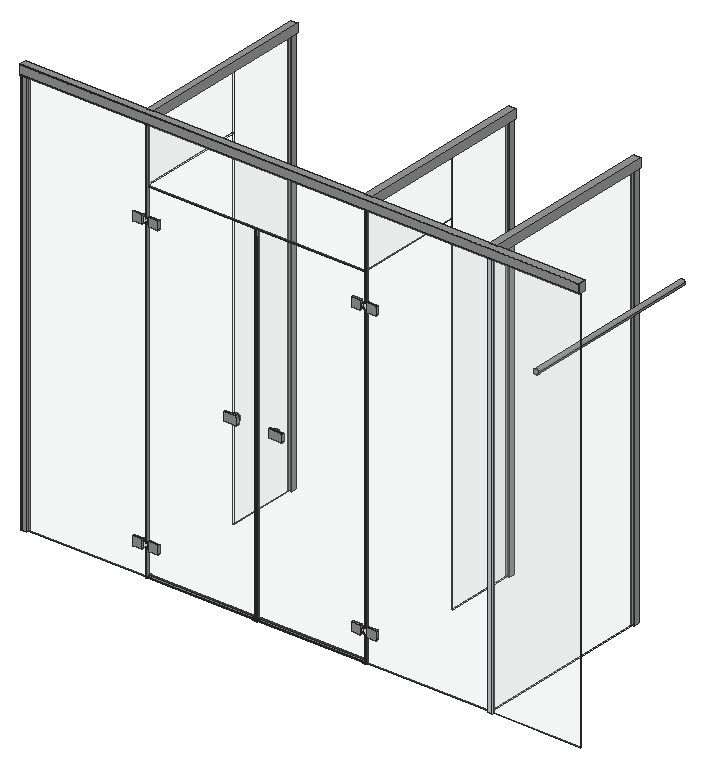
Revit family "Sanitary_Bath-screens_Modular system_Duscholux_SYSTEM210_S21-D", category Aparatos sanitarios, Revit 2019
Family settings
  Cota de conector redondo = Diámetro de uso
  Tipo de pieza = Normal
  Número OmniClass = 23.45.00.00
  Título OmniClass = Sanitary, Laundry, and Cleaning Equipment
  Se basa en plano de trabajo = No
  Siempre vertical = Sí
  Corte con vacíos al cargar = No
  Compartido = No
  Punto de cálculo de habitación = No
Parameters (values of type "Black Aluminium Finish")
  Uper profile guide = Anodized Aluminium_Duscholux Material-Black Finish
  Superior Glass Height = if(Max Doors Height < 2100 mm, 1 mm, (Max Height - 2134 mm))  # 366 mm
  Min Max Length fixed segment 3 = if(Length fixed segment 3 < 400 mm, 400 mm, if(Length fixed segment 3 > 1400 mm, 1400 mm, Length fixed segment 3))  # 550 mm
  Min Max Length fixed segment 2 = if(Length fixed segment 2 < 180 mm, 180 mm, if(Length fixed segment 2 > 1400 mm, 1400 mm, Length fixed segment 2))  # 750 mm
  Min Max Length fixed segment = if(Length fixed segment 1 < 180 mm, 180 mm, if(Length fixed segment 1 > 1400 mm, 1400 mm, Length fixed segment 1))  # 750 mm
  Min Max Doors aperture = if(Doors aperture < 400 mm, 400 mm, if(Doors aperture > 1000 mm, 1000 mm, Doors aperture))  # 650 mm
  Min Max Length Central fixed segments = if(Length Central fixed segments < 180 mm, 180 mm, if(Length Central fixed segments > 1400 mm, 1400 mm, Length Central fixed segments))  # 450 mm
  Max Doors Height = if(Max Height > 2154 mm, 2100 mm, (Max Height - 34 mm))  # 2100 mm
  Length fixed segment 3 = 550 mm
  Length fixed segment 2 = 750 mm
  Length fixed segment 1 = 750 mm
  Lenght = Min Max Length fixed segment + Min Max Length fixed segment 2 + Min Max Length fixed segment 3 + (Min Max Doors aperture * 2)  # 3350 mm
  Uniclass 2015 Description = "Shower Enclosures"
  Uniclass 2015 Code = "PR-40-20-06-79"
  URL = "http://www.duscholux.es/"
  UNSPSC Code = "30181507"
  Thickness Glass = 6 mm  # constant formula
  Thickness Fixed Segment = 8 mm  # constant formula
  Technical Inspection Certificate (Applus) = "http://www.duscholux.es/resources/custom/var/APPLUS_en.pdf"
  Series = "SYSTEM 210"
  Ref. = "S21_D"
  Products = "http://www.duscholux.es/mamparas_filtro.aspx?es"
  Openning right angle = 0.00°
  Openning left angle = 0.00°
  Opening System Image = "https://duscholux.es/resources/custom/img/System21/S21_D.jpg"
  Opening System = "Pivot Door"
  NBS Reference Description = "Shower Enclosures"
  NBS Reference Code = "45-35-70"
  Model = ""
  Max Height = if(Height < 1900 mm, 1900 mm, if(Height > 2500 mm, 2500 mm, Height))  # 2500 mm
  Maintenance and Cleaning = "http://www.duscholux.es/mamparas_limpieza.aspx?en"
  Image = "https://duscholux.es/resources/custom/img/System21/System21%205%20NEGRO%20baja.jpg"
  IFC Classification = "Furnishing Element"
  Height = 2500 mm
  Hanger Length = Min Max Doors aperture + Min Max Length Central fixed segments - 8 mm  # 1092 mm
  Handle Material = Anodized Aluminium_Duscholux Material-Black Finish
  Handle Height = Max Doors Height / 2  # 1050 mm
  Glass in Building UNE EN 12150 = "CE Conformity marking"
  Glass Material = Glass_Material-Duscholux
  Frame Material = Anodized Aluminium_Duscholux Material-Black Finish
  Length Central fixed segments = 450 mm
  Fact Sheet = "https://duscholux.es/mamparas_system210.aspx?es"
  Fabricante = "Duscholux Ibérica, S.A."
  Environmental Management ISO 14001 = "ECOEMBES Certificate"
  Doors aperture = 650 mm
  Descripción = "Modular system with fixed segments + pivot doors at 180º for different types of rooms"
  Código de montaje = "C1030200"
  Configuration enclosure = "http://configuratumampara.duscholux.es/eCatalogo.aspx"
  Components = "Eropean components"
  Type Comments = ""
  Combinations = "Customizable upper guide"
  Certified Quality UNE EN 14428 = "http://www.duscholux.es/duscholux_downloads.aspx?es"
  COBIe Type Category = ""
  Accesories Material = Anodized Aluminium_Duscholux Material-Black Finish
Reference planes
  plane 1 "Centro (Frontal/Posterior)": y = 0
  plane 2: z = 0
  plane 3 "Centro (Izquierda/Derecha)": x = 0
  plane 4 "Altura total": z = 2500
  plane 5 "Altura tiradores": z = 1050
  plane 6: x = 4
  plane 7: y = 0
  plane 8 "Espesor puertas": y = 6
  plane 9 "Eje fijo 3": x = 2800
  plane 10: z = 1920
  plane 11 "Espesor fijos": y = 8
  plane 12: x = 750
  plane 13: z = 8
  plane 14 "Altura bisagra inferior": z = 180
  plane 15: x = 2050
  plane 16 "Ancho total": y = 1100
  plane 17: x = 2796
  plane 18: x = 2804
  plane 19 "Inicio guía superior": z = 2446
  plane 20: z = 1920
  plane 21 "Altura vidrios": z = 2466
  plane 22 "Altura puertas": z = 2100
  plane 23 "Altura bisagra superior": z = 1920
  plane 24: y = 3
  plane 25 "Eje inicio puerta 1": x = 747
  plane 26 "Eje inicio puerta 2": x = 2053
  plane 27: y = 650
  plane 28: y = 0
  plane 29 "Longitud total": x = 3350
  plane 30: x = 3345
  plane 31 "Eje colgador": x = 3070
Forms (mm)
  Extrusion 1, solid, material "Glass_Material-Duscholux" <- "Glass Material"
    sketch origin (0, 0, 0) x (1, 0, 0) y (0, 1, 0)
      loop
        line (6, 8) -> (6, 0) -> (744, 0) -> (744, 8) -> (6, 8)
    from 0 to 2466
  Extrusion 2, solid, material "Glass_Material-Duscholux" <- "Glass Material"
    sketch origin (750, 0, 0) x (1, 0, 0) y (0, 1, 0)
      loop
        line (0, 6) -> (0, 0) -> (644.7, 0) -> (644.7, 6) -> (0, 6)
    from 8 to 2100
  Extrusion 3, solid, material "Plástico, transparente"
    sketch origin (-322.583, -171.096, 0) x (1, 0, 0) y (0, 1, 0)
      loop
        line (1066.583, 179.096) -> (1066.583, 171.096) -> (1061.583, 171.096) -> (1061.583, 170.096) -> (1066.583, 170.096) -> (1071.183, 170.096)
        arc (1071.183, 170.096) -> (1072.583, 175.096) -> (1071.183, 180.096) r 9.629
        line (1071.183, 180.096) -> (1066.583, 180.096) -> (1061.583, 180.096) -> (1061.583, 179.096) -> (1066.583, 179.096)
      loop
        line (1067.583, 170.596) -> (1070.927, 170.596)
        arc (1070.927, 170.596) -> (1072.083, 175.096) -> (1070.927, 179.596) r 9.338
        line (1070.927, 179.596) -> (1067.583, 179.596) -> (1067.583, 170.596)
    from 1937.5 to 2446
  Extrusion 4, solid, material "Plástico, transparente"
    sketch origin (-322.583, -171.096, 0) x (1, 0, 0) y (0, 1, 0)
      loop
        line (1066.583, 179.096) -> (1066.583, 171.096) -> (1061.583, 171.096) -> (1061.583, 170.096) -> (1066.583, 170.096) -> (1071.183, 170.096)
        arc (1071.183, 170.096) -> (1072.583, 175.096) -> (1071.183, 180.096) r 9.629
        line (1071.183, 180.096) -> (1066.583, 180.096) -> (1061.583, 180.096) -> (1061.583, 179.096) -> (1066.583, 179.096)
      loop
        line (1067.583, 170.596) -> (1070.927, 170.596)
        arc (1070.927, 170.596) -> (1072.083, 175.096) -> (1070.927, 179.596) r 9.338
        line (1070.927, 179.596) -> (1067.583, 179.596) -> (1067.583, 170.596)
    from 197.5 to 1902.5
  Extrusion 5, solid, material "Plástico, transparente"
    sketch origin (-322.583, -171.096, 0) x (1, 0, 0) y (0, 1, 0)
      loop
        line (1066.583, 179.096) -> (1066.583, 171.096) -> (1061.583, 171.096) -> (1061.583, 170.096) -> (1066.583, 170.096) -> (1071.183, 170.096)
        arc (1071.183, 170.096) -> (1072.583, 175.096) -> (1071.183, 180.096) r 9.629
        line (1071.183, 180.096) -> (1066.583, 180.096) -> (1061.583, 180.096) -> (1061.583, 179.096) -> (1066.583, 179.096)
      loop
        line (1067.583, 170.596) -> (1070.927, 170.596)
        arc (1070.927, 170.596) -> (1072.083, 175.096) -> (1070.927, 179.596) r 9.338
        line (1070.927, 179.596) -> (1067.583, 179.596) -> (1067.583, 170.596)
    from 0 to 162.5
  Extrusion 6, solid, material "Glass_Material-Duscholux" <- "Glass Material"
    sketch origin (1400, 0, 0) x (1, 0, 0) y (0, 1, 0)
      loop
        line (5.3, 6) -> (5.3, 0) -> (650, 0) -> (650, 6) -> (5.3, 6)
    from 8 to 2100
  Extrusion 7, solid, material "Plástico, transparente"
    sketch origin (1622.583, -171.096, 0) x (-1, 0, 0) y (0, -1, 0)
      loop
        line (-433.417, -179.096) -> (-438.417, -179.096) -> (-438.417, -180.096) -> (-433.417, -180.096) -> (-428.817, -180.096)
        arc (-428.817, -180.096) -> (-427.417, -175.096) -> (-428.817, -170.096) r 9.629
        line (-428.817, -170.096) -> (-433.417, -170.096) -> (-438.417, -170.096) -> (-438.417, -171.096) -> (-433.417, -171.096) -> (-433.417, -179.096)
      loop
        line (-432.417, -170.596) -> (-432.417, -179.596) -> (-429.073, -179.596)
        arc (-429.073, -179.596) -> (-427.917, -175.096) -> (-429.073, -170.596) r 9.338
        line (-429.073, -170.596) -> (-432.417, -170.596)
    from 1937.5 to 2446
  Extrusion 8, solid, material "Glass_Material-Duscholux" <- "Glass Material"
    sketch origin (0, 0, 0) x (1, 0, 0) y (0, 1, 0)
      loop
        line (2056, 8) -> (2056, 0) -> (2790.153, 0) -> (2790.153, 8) -> (2056, 8)
    from 0 to 2466
  Extrusion 9, solid, material "Plástico, transparente"
    sketch origin (1622.583, -171.096, 0) x (-1, 0, 0) y (0, -1, 0)
      loop
        line (-433.417, -179.096) -> (-438.417, -179.096) -> (-438.417, -180.096) -> (-433.417, -180.096) -> (-428.817, -180.096)
        arc (-428.817, -180.096) -> (-427.417, -175.096) -> (-428.817, -170.096) r 9.629
        line (-428.817, -170.096) -> (-433.417, -170.096) -> (-438.417, -170.096) -> (-438.417, -171.096) -> (-433.417, -171.096) -> (-433.417, -179.096)
      loop
        line (-432.417, -170.596) -> (-432.417, -179.596) -> (-429.073, -179.596)
        arc (-429.073, -179.596) -> (-427.917, -175.096) -> (-429.073, -170.596) r 9.338
        line (-429.073, -170.596) -> (-432.417, -170.596)
    from 197.5 to 1902.5
  Extrusion 10, solid, material "Plástico, transparente"
    sketch origin (1622.583, -171.096, 0) x (-1, 0, 0) y (0, -1, 0)
      loop
        line (-433.417, -179.096) -> (-438.417, -179.096) -> (-438.417, -180.096) -> (-433.417, -180.096) -> (-428.817, -180.096)
        arc (-428.817, -180.096) -> (-427.417, -175.096) -> (-428.817, -170.096) r 9.629
        line (-428.817, -170.096) -> (-433.417, -170.096) -> (-438.417, -170.096) -> (-438.417, -171.096) -> (-433.417, -171.096) -> (-433.417, -179.096)
      loop
        line (-432.417, -170.596) -> (-432.417, -179.596) -> (-429.073, -179.596)
        arc (-429.073, -179.596) -> (-427.917, -175.096) -> (-429.073, -170.596) r 9.338
        line (-429.073, -170.596) -> (-432.417, -170.596)
    from 0 to 162.5
  Extrusion 11, solid, material "Glass_Material-Duscholux" <- "Glass Material"
    sketch origin (0, 0, 0) x (1, 0, 0) y (0, 1, 0)
      loop
        line (2796, 14.15) -> (2804, 14.15) -> (2804, 1093.362) -> (2796, 1093.362) -> (2796, 14.15)
    from 0 to 2466
  Extrusion 12, solid, material "Anodized Aluminium_Duscholux Material-Black Finish" <- "Frame Material"
    sketch origin (0, 99.299, 0) x (1, 0, 0) y (0, 1, 0)
      loop
        line (2790, 999.201) -> (2810, 999.201) -> (2810, 979.851) -> (2804.3, 979.851) -> (2804.3, 969.201) -> (2811.5, 969.201) -> (2811.5, 1000.701) -> (2788.5, 1000.701) -> (2788.5, 969.201) -> (2795.7, 969.201) -> (2795.7, 979.851) -> (2790, 979.851) -> (2790, 999.201)
    from 0 to 2446
  Extrusion 13, solid, material "Anodized Aluminium_Duscholux Material-Black Finish" <- "Accesories Material"
    sketch origin (0, 0, 0) x (0, 1, 0) y (0, 0, 1)
      loop
        line (-17.849, 2500) -> (-17.849, 2498.2) -> (-15.349, 2498.2) -> (-15.349, 2447.8) -> (-17.849, 2447.8) -> (-17.849, 2446) -> (-1.881, 2446) -> (-1.881, 2488.9) -> (9.881, 2488.9) -> (9.881, 2446) -> (23.981, 2446) -> (23.981, 2500) -> (-17.849, 2500)
    from 0 to 3345
  Extrusion 14, solid, material "Anodized Aluminium_Duscholux Material-Black Finish" <- "Uper profile guide"
    sketch origin (0, 0, 0) x (0, 1, 0) y (0, 0, 1)
      loop
        line (-15.546, 2498) -> (-17.946, 2498) -> (-17.946, 2448) -> (-15.546, 2448) -> (-15.546, 2498)
    from 0 to 3345
  Extrusion 15, solid, material "Glass_Material-Duscholux" <- "Glass Material"
    sketch origin (0, 0, 0) x (1, 0, 0) y (0, 1, 0)
      loop
        line (2050, 8) -> (750, 8) -> (750, 0) -> (2050, 0) -> (2050, 8)
    from 2100 to 2466
  Extrusion 16, solid, material "Anodized Aluminium_Duscholux Material-Black Finish" <- "Frame Material"
    sketch origin (773.934, 0, 0) x (1, 0, 0) y (0, 0, 1)
      loop
        line (1299.981, 2500) -> (1258.151, 2500) -> (1258.151, 2446) -> (1274.119, 2446) -> (1274.119, 2488.9) -> (1285.881, 2488.9) -> (1285.881, 2446) -> (1299.981, 2446) -> (1299.981, 2500)
    from -1100 to -23.981
  Extrusion 17, solid, material "Anodized Aluminium_Duscholux Material-Black Finish" <- "Frame Material"
    sketch origin (-772.066, 0, 0) x (1, 0, 0) y (0, 0, 1)
      loop
        line (1539.981, 2500) -> (1498.151, 2500) -> (1498.151, 2446) -> (1514.119, 2446) -> (1514.119, 2488.9) -> (1525.881, 2488.9) -> (1525.881, 2446) -> (1539.981, 2446) -> (1539.981, 2500)
    from -1100 to -23.981
  Extrusion 18, solid, material "Anodized Aluminium_Duscholux Material-Black Finish" <- "Frame Material"
    sketch origin (-77, 99.299, 0) x (1, 0, 0) y (0, 1, 0)
      loop
        line (2120, 999.201) -> (2140, 999.201) -> (2140, 979.851) -> (2134.3, 979.851) -> (2134.3, 969.201) -> (2141.5, 969.201) -> (2141.5, 1000.701) -> (2118.5, 1000.701) -> (2118.5, 969.201) -> (2125.7, 969.201) -> (2125.7, 979.851) -> (2120, 979.851) -> (2120, 999.201)
    from 0 to 2446
  Extrusion 19, solid, material "Anodized Aluminium_Duscholux Material-Black Finish" <- "Frame Material"
    sketch origin (-1623, 99.299, 0) x (1, 0, 0) y (0, 1, 0)
      loop
        line (2360, 999.201) -> (2380, 999.201) -> (2380, 979.851) -> (2374.3, 979.851) -> (2374.3, 969.201) -> (2381.5, 969.201) -> (2381.5, 1000.701) -> (2358.5, 1000.701) -> (2358.5, 969.201) -> (2365.7, 969.201) -> (2365.7, 979.851) -> (2360, 979.851) -> (2360, 999.201)
    from 0 to 2446
  Extrusion 20, solid, material "Anodized Aluminium_Duscholux Material-Black Finish" <- "Frame Material"
    sketch origin (900.701, -2096, 0) x (0, 1, 0) y (-1, 0, 0)
      loop
        line (2090, 899.201) -> (2110, 899.201) -> (2110, 879.851) -> (2104.3, 879.851) -> (2104.3, 869.201) -> (2111.5, 869.201) -> (2111.5, 900.701) -> (2088.5, 900.701) -> (2088.5, 869.201) -> (2095.7, 869.201) -> (2095.7, 879.851) -> (2090, 879.851) -> (2090, 899.201)
    from 0 to 2446
  Extrusion 21, solid, material "Anodized Aluminium_Duscholux Material-Black Finish" <- "Frame Material"
    sketch origin (1400, 0, 0) x (1, 0, 0) y (0, 1, 0)
      loop
        line (7.26, 6.095) -> (7.26, 7.095) -> (4.408, 7.807) -> (0.7, 7.547) -> (0, 6.593) -> (0, -0.593) -> (0.7, -1.547) -> (4.408, -1.807) -> (7.26, -1.095) -> (7.26, -0.095) -> (5.3, -0.095) -> (5.3, 3) -> (5.3, 6.095) -> (7.26, 6.095)
    from 0 to 2100
  Extrusion 22, solid, material "Anodized Aluminium_Duscholux Material-Black Finish" <- "Frame Material"
    sketch origin (750, 0, 0) x (1, 0, 0) y (0, 1, 0)
      loop
        line (649.3, 7.547) -> (645.592, 7.807) -> (642.74, 7.095) -> (642.74, 6.095) -> (644.7, 6.095) -> (644.7, 3) -> (644.7, -0.095) -> (642.74, -0.095) -> (642.74, -1.095) -> (645.592, -1.807) -> (649.3, -1.547) -> (650, -0.593) -> (650, 6.593) -> (649.3, 7.547)
    from 0 to 2100
  Extrusion 23, solid, material "Glass_Material-Duscholux" <- "Glass Material"
    sketch origin (0, 0, 0) x (1, 0, 0) y (0, 1, 0)
      loop
        line (743, 650) -> (743, 9.881) -> (751, 9.881) -> (751, 650) -> (743, 650)
    from 2100 to 2466
  Extrusion 24, solid, material "Glass_Material-Duscholux" <- "Glass Material"
    sketch origin (0, 0, 0) x (1, 0, 0) y (0, 1, 0)
      loop
        line (751, 650) -> (751, 1093.106) -> (743, 1093.106) -> (743, 650) -> (751, 650)
    from 0 to 2466
  Extrusion 25, solid, material "Glass_Material-Duscholux" <- "Glass Material"
    sketch origin (0, 0, 0) x (1, 0, 0) y (0, 1, 0)
      loop
        line (2057, 9.881) -> (2057, 650) -> (2049.03, 650) -> (2049.03, 9.881) -> (2057, 9.881)
    from 2100 to 2466
  Extrusion 26, solid, material "Glass_Material-Duscholux" <- "Glass Material"
    sketch origin (0, 0, 0) x (1, 0, 0) y (0, 1, 0)
      loop
        line (2057, 650) -> (2057, 1093.362) -> (2049.03, 1093.362) -> (2049.03, 650) -> (2057, 650)
    from 0 to 2466
  Extrusion 27, solid, material "Anodized Aluminium_Duscholux Material-Black Finish" <- "Frame Material"
    sketch origin (0, 0, 0) x (0, 1, 0) y (0, 0, 1)
      loop
        line (23.981, 2446) -> (23.981, 2500) -> (-17.849, 2500) -> (-17.849, 2446) -> (23.981, 2446)
    from 3345 to 3350
  Extrusion 28, solid, material "Anodized Aluminium_Duscholux Material-Black Finish" <- "Frame Material"
    sketch origin (1570.934, 0, 0) x (1, 0, 0) y (0, 0, 1)
      loop
        line (1249.981, 2500) -> (1208.151, 2500) -> (1208.151, 2446) -> (1224.119, 2446) -> (1224.119, 2488.9) -> (1235.881, 2488.9) -> (1235.881, 2446) -> (1249.981, 2446) -> (1249.981, 2500)
    from -1100 to -23.981
  Extrusion 29, solid
    sketch origin (0, 0, 0) x (1, 0, 0) y (0, 1, 0)
      loop
        line (2804.2, 17.65) -> (2804.2, 14.15) -> (2795.8, 14.15) -> (2795.8, 17.65) -> (2793.65, 17.65) -> (2793.65, 10.35) -> (2786.653, 10.35) -> (2786.653, 8.2) -> (2790.153, 8.2) -> (2790.153, -0.2) -> (2786.653, -0.2) -> (2786.653, -2.35) -> (2813.347, -2.35) -> (2813.347, -0.2) -> (2809.847, -0.2) -> (2809.847, 8.2) -> (2813.347, 8.2) -> (2813.347, 10.35) -> (2806.35, 10.35) -> (2806.35, 17.65) -> (2804.2, 17.65)
    from 0 to 2446
  Extrusion 30, solid, material "Glass_Material-Duscholux" <- "Glass Material"
    sketch origin (0, 0, 0) x (1, 0, 0) y (0, 1, 0)
      loop
        line (2809.847, 8) -> (2809.847, 0) -> (3345, 0) -> (3345, 8) -> (2809.847, 8)
    from 0 to 2466
Lines and regions (mm)
  reference lines
    curve 1: line (750, 0, 0) -> (1400, 0, 0)
    curve 2: line (1400, 0, 0) -> (2050, 0, 0)
    curve 7: line (1520.26, -53.508, 0) -> (1520.26, 156.492, 0)
  symbolic lines
    curve 3: line (750, 650, 0) -> (750, 0, 0)
    curve 4: line (2050, 650, 0) -> (2050, 0, 0)
    curve 5: line (2050, -650, 0) -> (2050, 0, 0)
    curve 6: arc (2050, -650, 0) -> (1400, 0, 0) -> (2050, 650, 0) r 650
    curve 8: arc (750, -650, 0) -> (1400, 0, 0) -> (750, 650, 0) r 650
    curve 9: line (750, -650, 0) -> (750, 0, 0)
Dimensions and locks
  locked: plane 3 "Centro (Izquierda/Derecha)" to plane 6 at 4
  "Handle Height": plane 5 "Altura tiradores" to level
  locked: nested 3 to Extrusion 4 at 17.5
  locked: Extrusion 3 to plane 10 at 17.5
  "Min Max Length fixed segment": plane 3 "Centro (Izquierda/Derecha)" to plane 12
  locked: nested 3 to plane 12 at 6
  locked: plane 12 to nested 3 at 6
  "Min Max Doors aperture": curve 1 to curve 1
  locked: plane 13 to level at 8
  locked: plane 14 "Altura bisagra inferior" to level at 180
  "Max Height": plane 4 "Altura total" to level
  "Min Max Length fixed segment 2": plane 15 to plane 9 "Eje fijo 3"
  "Min Max Doors aperture": curve 2 to curve 2
  "Min Max Doors aperture": curve 3 to curve 3
  "Min Max Doors aperture": curve 4 to curve 4
  "Min Max Doors aperture": curve 5 to curve 5
  "Thickness Fixed Segment": Extrusion 1 to Extrusion 1
  "Thickness Fixed Segment": Extrusion 8 to Extrusion 8
  plane 17 to plane 9 "Eje fijo 3" to plane 18 = 4 mm locked, 4 mm locked
  locked: plane 16 "Ancho total" to Extrusion 11 at 6.638
  locked: plane 4 "Altura total" to plane 19 "Inicio guía superior" at 54
  locked: plane 21 "Altura vidrios" to plane 19 "Inicio guía superior" at 20
  "Max Doors Height": plane 22 "Altura puertas" to level
  locked: plane 22 "Altura puertas" to plane 23 "Altura bisagra superior" at 180
  "Superior Glass Height": Extrusion 15 to plane 22 "Altura puertas"
  locked: plane 25 "Eje inicio puerta 1" to plane 12 at 3
  locked: plane 15 to plane 26 "Eje inicio puerta 2" at 3
  locked: Extrusion 20 to plane 7 at 7.5
  "Min Max Doors aperture": plane 27 to plane 7
  "Superior Glass Height": Extrusion 23 to plane 22 "Altura puertas"
  locked: plane 16 "Ancho total" to Extrusion 24 at 6.894
  "Superior Glass Height": Extrusion 25 to plane 22 "Altura puertas"
  "Min Max Length Central fixed segments": plane 16 "Ancho total" to plane 27
  "Min Max Length fixed segment 3": plane 9 "Eje fijo 3" to plane 29 "Longitud total"
  locked: plane 30 to plane 29 "Longitud total" at 5
  locked: plane 9 "Eje fijo 3" to Extrusion 28 at 20.915
  "Lenght": plane 3 "Centro (Izquierda/Derecha)" to plane 29 "Longitud total"
  "Min Max Doors aperture": curve 9 to curve 9
  locked: plane 9 "Eje fijo 3" to plane 31 "Eje colgador" at 270
  "Openning right angle": angle plane 7 to curve 2
  locked: curve 7 to curve 2 (angle 90.00°)
  "Openning left angle": angle curve 1 to plane 28
  aligned and locked: level to plane 2
  aligned and locked: plane 12 to curve 1
  aligned and locked: plane 7 to curve 1
  aligned and locked: nested 3 to plane 10
  aligned and locked: nested 4 to Extrusion 2
  aligned and locked: nested 2 to Extrusion 2
  aligned and locked: nested 5 to plane 10
  aligned and locked: nested 5 to Extrusion 2
  aligned and locked: Extrusion 2 to plane 13
  aligned and locked: Extrusion 5 to level
  aligned and locked: curve 2 to plane 7
  aligned and locked: plane 15 to curve 2
  aligned and locked: Extrusion 2 to Extrusion 6
  aligned and locked: plane 10 to nested 9
  aligned and locked: plane 10 to nested 7
  aligned and locked: Extrusion 3 to Extrusion 7
  aligned and locked: Extrusion 9 to Extrusion 4
  aligned and locked: Extrusion 4 to Extrusion 9
  aligned and locked: Extrusion 10 to Extrusion 8
  aligned and locked: Extrusion 10 to Extrusion 5
  aligned and locked: Extrusion 8 to nested 9
  aligned and locked: Extrusion 8 to nested 8
  aligned and locked: plane 5 "Altura tiradores" to nested 12
  aligned and locked: nested 11 to plane 5 "Altura tiradores"
  aligned and locked: Extrusion 11 sketch curve to plane 17
  aligned and locked: plane 18 to Extrusion 11 sketch curve
  aligned and locked: plane 16 "Ancho total" to Extrusion 12
  aligned and locked: plane 19 "Inicio guía superior" to Extrusion 12
  aligned and locked: plane 19 "Inicio guía superior" to Extrusion 7
  aligned and locked: Extrusion 13 to Extrusion 14
  aligned and locked: Extrusion 13 to plane 3 "Centro (Izquierda/Derecha)"
  aligned and locked: plane 21 "Altura vidrios" to Extrusion 11
  aligned and locked: plane 21 "Altura vidrios" to Extrusion 8
  aligned and locked: plane 21 "Altura vidrios" to Extrusion 1
  aligned and locked: plane 22 "Altura puertas" to Extrusion 6
  aligned and locked: plane 22 "Altura puertas" to Extrusion 2
  aligned and locked: plane 23 "Altura bisagra superior" to plane 10
  aligned and locked: nested 10 to Extrusion 6
  aligned and locked: Extrusion 15 to Extrusion 6
  aligned and locked: plane 15 to Extrusion 15
  aligned and locked: plane 16 "Ancho total" to Extrusion 16
  aligned and locked: plane 16 "Ancho total" to Extrusion 17
  aligned and locked: plane 19 "Inicio guía superior" to Extrusion 18
  aligned and locked: plane 19 "Inicio guía superior" to Extrusion 19
  aligned and locked: Extrusion 20 to plane 3 "Centro (Izquierda/Derecha)"
  aligned and locked: plane 19 "Inicio guía superior" to Extrusion 20
  aligned and locked: Extrusion 21 to nested 10
  aligned and locked: plane 22 "Altura puertas" to Extrusion 21
  aligned and locked: Extrusion 22 to Extrusion 2
  aligned and locked: plane 22 "Altura puertas" to Extrusion 22
  aligned and locked: nested 4 to Extrusion 22
  aligned and locked: Extrusion 23 to Extrusion 2
  aligned and locked: Extrusion 24 sketch curve to Extrusion 23
  aligned and locked: Extrusion 24 to plane 27
  aligned and locked: plane 21 "Altura vidrios" to Extrusion 24
  aligned and locked: plane 27 to Extrusion 25
  aligned and locked: Extrusion 25 to plane 22 "Altura puertas"
  aligned and locked: Extrusion 26 sketch curve to Extrusion 25
  aligned and locked: Extrusion 11 to Extrusion 26
  aligned and locked: plane 21 "Altura vidrios" to Extrusion 26
  aligned and locked: Extrusion 15 to plane 12
  aligned and locked: nested 12 to curve 7
  aligned and locked: plane 28 to plane 1 "Centro (Frontal/Posterior)"
  aligned and locked: Extrusion 14 to Extrusion 13
  aligned and locked: plane 30 to Extrusion 13
  aligned and locked: Extrusion 27 sketch curve to Extrusion 16
  aligned and locked: Extrusion 27 sketch curve to Extrusion 13  (x3)
  aligned and locked: Extrusion 27 to plane 30
  aligned and locked: plane 29 "Longitud total" to Extrusion 27
  aligned and locked: plane 19 "Inicio guía superior" to Extrusion 3
  aligned and locked: Extrusion 8 to Extrusion 30 sketch curve
  aligned and locked: plane 28 to Extrusion 30 sketch curve
  aligned and locked: Extrusion 30 to Extrusion 29
  aligned and locked: plane 30 to Extrusion 30
  aligned and locked: plane 19 "Inicio guía superior" to Extrusion 29
  aligned and locked: plane 21 "Altura vidrios" to Extrusion 30
  aligned and locked: plane 16 "Ancho total" to Extrusion 28
  aligned and locked: plane 31 "Eje colgador" to nested 13
  aligned and locked: plane 23 "Altura bisagra superior" to nested 13
Automatic sketch dimensions
  curve 2 to curve 7 = 120.26 mm
  curve 2 to curve 7 = 53.508 mm
  curve 3 to plane 12 = 0 mm
  curve 6 to plane 15 = 0 mm
  plane 1 "Centro (Frontal/Posterior)" to curve 5 = 0 mm
  plane 1 "Centro (Frontal/Posterior)" to curve 9 = 0 mm
  plane 1 "Centro (Frontal/Posterior)" to Extrusion 1 sketch curve = 0 mm
  Extrusion 1 sketch curve to plane 11 "Espesor fijos" = 0 mm
  plane 6 to Extrusion 1 sketch curve = 2 mm
  Extrusion 1 sketch curve to plane 25 "Eje inicio puerta 1" = 3 mm
  Extrusion 2 sketch curve to curve 1 = 0 mm  (x2)
  curve 1 to Extrusion 2 sketch curve = 6 mm
  Extrusion 2 sketch curve to curve 1 = 5.3 mm
  Extrusion 3 sketch curve to plane 11 "Espesor fijos" = 0 mm
  plane 1 "Centro (Frontal/Posterior)" to Extrusion 3 sketch curve = 0 mm
  Extrusion 3 sketch curve to plane 25 "Eje inicio puerta 1" = 8 mm  (x2)
  Extrusion 3 sketch curve to plane 24 = 1 mm
  Extrusion 3 sketch curve to Extrusion 3 sketch curve = 1.162 mm
  Extrusion 3 sketch curve to Extrusion 3 sketch curve = 0.209 mm
  Extrusion 3 sketch curve to plane 25 "Eje inicio puerta 1" = 3 mm
  Extrusion 3 sketch curve to Extrusion 3 sketch curve = 0 mm  (x3)
  plane 1 "Centro (Frontal/Posterior)" to Extrusion 3 sketch curve = 0.5 mm
  Extrusion 3 sketch curve to Extrusion 3 sketch curve = 1 mm  (x2)
  plane 11 "Espesor fijos" to Extrusion 3 sketch curve = 0.5 mm
  plane 25 "Eje inicio puerta 1" to Extrusion 3 sketch curve = 1.344 mm
  Extrusion 3 sketch curve to Extrusion 3 sketch curve = 0.256 mm  (x2)
  Extrusion 4 sketch curve to plane 11 "Espesor fijos" = 0 mm
  plane 1 "Centro (Frontal/Posterior)" to Extrusion 4 sketch curve = 0 mm
  Extrusion 4 sketch curve to plane 25 "Eje inicio puerta 1" = 8 mm  (x2)
  Extrusion 4 sketch curve to plane 24 = 1 mm
  Extrusion 4 sketch curve to Extrusion 4 sketch curve = 1.162 mm
  Extrusion 4 sketch curve to Extrusion 4 sketch curve = 0.209 mm
  Extrusion 4 sketch curve to plane 25 "Eje inicio puerta 1" = 3 mm
  Extrusion 4 sketch curve to Extrusion 4 sketch curve = 0 mm  (x3)
  plane 1 "Centro (Frontal/Posterior)" to Extrusion 4 sketch curve = 0.5 mm
  Extrusion 4 sketch curve to Extrusion 4 sketch curve = 1 mm  (x2)
  plane 11 "Espesor fijos" to Extrusion 4 sketch curve = 0.5 mm
  plane 25 "Eje inicio puerta 1" to Extrusion 4 sketch curve = 1.344 mm
  Extrusion 4 sketch curve to Extrusion 4 sketch curve = 0.256 mm  (x2)
  Extrusion 5 sketch curve to plane 11 "Espesor fijos" = 0 mm
  plane 1 "Centro (Frontal/Posterior)" to Extrusion 5 sketch curve = 0 mm
  Extrusion 5 sketch curve to plane 25 "Eje inicio puerta 1" = 8 mm  (x2)
  Extrusion 5 sketch curve to plane 24 = 1 mm
  Extrusion 5 sketch curve to Extrusion 5 sketch curve = 1.162 mm
  Extrusion 5 sketch curve to Extrusion 5 sketch curve = 0.209 mm
  Extrusion 5 sketch curve to plane 25 "Eje inicio puerta 1" = 3 mm
  Extrusion 5 sketch curve to Extrusion 5 sketch curve = 0 mm  (x3)
  plane 1 "Centro (Frontal/Posterior)" to Extrusion 5 sketch curve = 0.5 mm
  Extrusion 5 sketch curve to Extrusion 5 sketch curve = 1 mm  (x2)
  plane 11 "Espesor fijos" to Extrusion 5 sketch curve = 0.5 mm
  plane 25 "Eje inicio puerta 1" to Extrusion 5 sketch curve = 1.344 mm
  Extrusion 5 sketch curve to Extrusion 5 sketch curve = 0.256 mm  (x2)
  curve 2 to Extrusion 6 sketch curve = 0 mm
  Extrusion 6 sketch curve to curve 2 = 0 mm
  curve 2 to Extrusion 6 sketch curve = 6 mm
  curve 2 to Extrusion 6 sketch curve = 5.3 mm
  plane 11 "Espesor fijos" to Extrusion 7 sketch curve = 0 mm
  plane 1 "Centro (Frontal/Posterior)" to Extrusion 7 sketch curve = 0 mm
  Extrusion 7 sketch curve to plane 26 "Eje inicio puerta 2" = 8 mm
  Extrusion 7 sketch curve to Extrusion 7 sketch curve = 0 mm  (x4)
  plane 24 to Extrusion 7 sketch curve = 1 mm
  Extrusion 7 sketch curve to Extrusion 7 sketch curve = 1.162 mm
  Extrusion 7 sketch curve to Extrusion 7 sketch curve = 0.209 mm
  Extrusion 7 sketch curve to plane 26 "Eje inicio puerta 2" = 3 mm
  Extrusion 7 sketch curve to plane 1 "Centro (Frontal/Posterior)" = 0.5 mm
  Extrusion 7 sketch curve to Extrusion 7 sketch curve = 1 mm  (x2)
  Extrusion 7 sketch curve to plane 11 "Espesor fijos" = 0.5 mm
  plane 26 "Eje inicio puerta 2" to Extrusion 7 sketch curve = 1.344 mm
  Extrusion 7 sketch curve to Extrusion 7 sketch curve = 0.256 mm  (x2)
  plane 1 "Centro (Frontal/Posterior)" to Extrusion 8 sketch curve = 0 mm
  plane 11 "Espesor fijos" to Extrusion 8 sketch curve = 0 mm
  plane 26 "Eje inicio puerta 2" to Extrusion 8 sketch curve = 3 mm
  Extrusion 8 sketch curve to plane 17 = 5.847 mm
  plane 11 "Espesor fijos" to Extrusion 9 sketch curve = 0 mm
  plane 1 "Centro (Frontal/Posterior)" to Extrusion 9 sketch curve = 0 mm
  Extrusion 9 sketch curve to plane 26 "Eje inicio puerta 2" = 8 mm
  Extrusion 9 sketch curve to Extrusion 9 sketch curve = 0 mm  (x4)
  plane 24 to Extrusion 9 sketch curve = 1 mm
  Extrusion 9 sketch curve to Extrusion 9 sketch curve = 1.162 mm
  Extrusion 9 sketch curve to Extrusion 9 sketch curve = 0.209 mm
  Extrusion 9 sketch curve to plane 26 "Eje inicio puerta 2" = 3 mm
  Extrusion 9 sketch curve to plane 1 "Centro (Frontal/Posterior)" = 0.5 mm
  Extrusion 9 sketch curve to Extrusion 9 sketch curve = 1 mm  (x2)
  Extrusion 9 sketch curve to plane 11 "Espesor fijos" = 0.5 mm
  plane 26 "Eje inicio puerta 2" to Extrusion 9 sketch curve = 1.344 mm
  Extrusion 9 sketch curve to Extrusion 9 sketch curve = 0.256 mm  (x2)
  plane 11 "Espesor fijos" to Extrusion 10 sketch curve = 0 mm
  plane 1 "Centro (Frontal/Posterior)" to Extrusion 10 sketch curve = 0 mm
  Extrusion 10 sketch curve to plane 26 "Eje inicio puerta 2" = 8 mm
  Extrusion 10 sketch curve to Extrusion 10 sketch curve = 0 mm  (x4)
  plane 24 to Extrusion 10 sketch curve = 1 mm
  Extrusion 10 sketch curve to Extrusion 10 sketch curve = 1.162 mm
  Extrusion 10 sketch curve to Extrusion 10 sketch curve = 0.209 mm
  Extrusion 10 sketch curve to plane 26 "Eje inicio puerta 2" = 3 mm
  Extrusion 10 sketch curve to plane 1 "Centro (Frontal/Posterior)" = 0.5 mm
  Extrusion 10 sketch curve to Extrusion 10 sketch curve = 1 mm  (x2)
  Extrusion 10 sketch curve to plane 11 "Espesor fijos" = 0.5 mm
  plane 26 "Eje inicio puerta 2" to Extrusion 10 sketch curve = 1.344 mm
  Extrusion 10 sketch curve to Extrusion 10 sketch curve = 0.256 mm  (x2)
  plane 11 "Espesor fijos" to Extrusion 11 sketch curve = 6.15 mm
  Extrusion 11 sketch curve to plane 16 "Ancho total" = 6.638 mm
  plane 16 "Ancho total" to Extrusion 12 sketch curve = 0 mm
  Extrusion 12 sketch curve to plane 17 = 7.5 mm
  Extrusion 12 sketch curve to Extrusion 12 sketch curve = 1.5 mm  (x2)
  Extrusion 12 sketch curve to plane 17 = 0.3 mm
  plane 18 to Extrusion 12 sketch curve = 0.3 mm
  Extrusion 12 sketch curve to Extrusion 12 sketch curve = 5.7 mm
  Extrusion 12 sketch curve to plane 16 "Ancho total" = 1.5 mm
  Extrusion 12 sketch curve to Extrusion 12 sketch curve = 19.35 mm
  Extrusion 12 sketch curve to Extrusion 12 sketch curve = 0 mm  (x2)
  Extrusion 12 sketch curve to Extrusion 12 sketch curve = 10.65 mm
  Extrusion 13 sketch curve to plane 4 "Altura total" = 0 mm
  Extrusion 13 sketch curve to plane 19 "Inicio guía superior" = 0 mm  (x2)
  plane 1 "Centro (Frontal/Posterior)" to Extrusion 13 sketch curve = 17.849 mm  (x2)
  plane 19 "Inicio guía superior" to Extrusion 13 sketch curve = 1.8 mm
  Extrusion 13 sketch curve to Extrusion 13 sketch curve = 2.5 mm
  plane 1 "Centro (Frontal/Posterior)" to Extrusion 13 sketch curve = 1.881 mm
  plane 11 "Espesor fijos" to Extrusion 13 sketch curve = 1.881 mm
  plane 11 "Espesor fijos" to Extrusion 13 sketch curve = 15.981 mm
  Extrusion 13 sketch curve to plane 4 "Altura total" = 11.1 mm
  Extrusion 13 sketch curve to plane 4 "Altura total" = 1.8 mm
  Extrusion 14 sketch curve to plane 4 "Altura total" = 2 mm
  plane 1 "Centro (Frontal/Posterior)" to Extrusion 14 sketch curve = 17.946 mm
  Extrusion 14 sketch curve to Extrusion 14 sketch curve = 2.4 mm
  plane 19 "Inicio guía superior" to Extrusion 14 sketch curve = 2 mm
  Extrusion 15 sketch curve to plane 11 "Espesor fijos" = 0 mm
  Extrusion 15 sketch curve to plane 12 = 0 mm
  plane 1 "Centro (Frontal/Posterior)" to Extrusion 15 sketch curve = 0 mm
  Extrusion 15 sketch curve to plane 15 = 0 mm
  Extrusion 16 sketch curve to plane 4 "Altura total" = 0 mm
  Extrusion 16 sketch curve to plane 19 "Inicio guía superior" = 0 mm  (x2)
  Extrusion 16 sketch curve to plane 15 = 17.915 mm
  Extrusion 16 sketch curve to plane 15 = 1.948 mm
  plane 26 "Eje inicio puerta 2" to Extrusion 16 sketch curve = 6.815 mm
  Extrusion 16 sketch curve to Extrusion 16 sketch curve = 14.1 mm
  Extrusion 16 sketch curve to plane 4 "Altura total" = 11.1 mm
  Extrusion 17 sketch curve to plane 4 "Altura total" = 0 mm
  Extrusion 17 sketch curve to plane 19 "Inicio guía superior" = 0 mm  (x2)
  Extrusion 17 sketch curve to plane 25 "Eje inicio puerta 1" = 20.915 mm
  Extrusion 17 sketch curve to plane 25 "Eje inicio puerta 1" = 4.948 mm
  plane 12 to Extrusion 17 sketch curve = 3.815 mm
  Extrusion 17 sketch curve to Extrusion 17 sketch curve = 14.1 mm
  Extrusion 17 sketch curve to plane 4 "Altura total" = 11.1 mm
  Extrusion 18 sketch curve to plane 16 "Ancho total" = 0 mm
  Extrusion 18 sketch curve to plane 15 = 8.5 mm
  Extrusion 18 sketch curve to Extrusion 18 sketch curve = 1.5 mm  (x2)
  Extrusion 18 sketch curve to plane 15 = 1.3 mm
  plane 26 "Eje inicio puerta 2" to Extrusion 18 sketch curve = 4.3 mm
  Extrusion 18 sketch curve to Extrusion 18 sketch curve = 5.7 mm
  Extrusion 18 sketch curve to plane 16 "Ancho total" = 1.5 mm
  Extrusion 18 sketch curve to Extrusion 18 sketch curve = 19.35 mm
  Extrusion 18 sketch curve to Extrusion 18 sketch curve = 0 mm  (x2)
  Extrusion 18 sketch curve to Extrusion 18 sketch curve = 10.65 mm
  Extrusion 19 sketch curve to plane 16 "Ancho total" = 0 mm
  Extrusion 19 sketch curve to plane 25 "Eje inicio puerta 1" = 11.5 mm
  Extrusion 19 sketch curve to Extrusion 19 sketch curve = 1.5 mm  (x2)
  Extrusion 19 sketch curve to plane 25 "Eje inicio puerta 1" = 4.3 mm
  plane 12 to Extrusion 19 sketch curve = 1.3 mm
  Extrusion 19 sketch curve to Extrusion 19 sketch curve = 5.7 mm
  Extrusion 19 sketch curve to plane 16 "Ancho total" = 1.5 mm
  Extrusion 19 sketch curve to Extrusion 19 sketch curve = 19.35 mm
  Extrusion 19 sketch curve to Extrusion 19 sketch curve = 0 mm  (x2)
  Extrusion 19 sketch curve to Extrusion 19 sketch curve = 10.65 mm
  Extrusion 20 sketch curve to plane 3 "Centro (Izquierda/Derecha)" = 0 mm
  plane 1 "Centro (Frontal/Posterior)" to Extrusion 20 sketch curve = 7.5 mm
  Extrusion 20 sketch curve to Extrusion 20 sketch curve = 1.5 mm  (x2)
  plane 1 "Centro (Frontal/Posterior)" to Extrusion 20 sketch curve = 0.3 mm
  plane 11 "Espesor fijos" to Extrusion 20 sketch curve = 0.3 mm
  Extrusion 20 sketch curve to Extrusion 20 sketch curve = 5.7 mm
  plane 3 "Centro (Izquierda/Derecha)" to Extrusion 20 sketch curve = 1.5 mm
  plane 6 to Extrusion 20 sketch curve = 16.85 mm
  Extrusion 20 sketch curve to Extrusion 20 sketch curve = 0 mm  (x2)
  Extrusion 20 sketch curve to Extrusion 20 sketch curve = 10.65 mm
  Extrusion 21 sketch curve to curve 2 = 0 mm
  Extrusion 21 sketch curve to curve 2 = 0.593 mm
  curve 2 to Extrusion 21 sketch curve = 6.593 mm
  curve 2 to Extrusion 21 sketch curve = 0.7 mm  (x2)
  Extrusion 21 sketch curve to Extrusion 21 sketch curve = 3.708 mm  (x2)
  curve 2 to Extrusion 21 sketch curve = 1.807 mm
  Extrusion 21 sketch curve to Extrusion 21 sketch curve = 0.892 mm
  curve 2 to Extrusion 21 sketch curve = 1.095 mm
  Extrusion 21 sketch curve to Extrusion 21 sketch curve = 1.96 mm  (x2)
  Extrusion 21 sketch curve to curve 2 = 1.547 mm
  curve 2 to Extrusion 21 sketch curve = 0.095 mm
  Extrusion 21 sketch curve to curve 2 = 3 mm
  Extrusion 21 sketch curve to Extrusion 21 sketch curve = 3.095 mm
  Extrusion 21 sketch curve to Extrusion 21 sketch curve = 1 mm
  curve 2 to Extrusion 21 sketch curve = 7.547 mm
  Extrusion 21 sketch curve to Extrusion 21 sketch curve = 1.712 mm
  Extrusion 22 sketch curve to curve 1 = 0 mm
  Extrusion 22 sketch curve to curve 1 = 0.593 mm
  curve 1 to Extrusion 22 sketch curve = 6.593 mm
  Extrusion 22 sketch curve to curve 1 = 0.7 mm  (x2)
  curve 1 to Extrusion 22 sketch curve = 1.807 mm
  Extrusion 22 sketch curve to Extrusion 22 sketch curve = 3.708 mm  (x2)
  Extrusion 22 sketch curve to Extrusion 22 sketch curve = 0.892 mm
  curve 1 to Extrusion 22 sketch curve = 0.095 mm
  Extrusion 22 sketch curve to Extrusion 22 sketch curve = 1.96 mm  (x2)
  Extrusion 22 sketch curve to curve 1 = 1.547 mm
  Extrusion 22 sketch curve to Extrusion 22 sketch curve = 1 mm  (x2)
  Extrusion 22 sketch curve to curve 1 = 3 mm
  Extrusion 22 sketch curve to Extrusion 22 sketch curve = 3.095 mm
  curve 1 to Extrusion 22 sketch curve = 7.547 mm
  Extrusion 22 sketch curve to Extrusion 22 sketch curve = 1.712 mm
  Extrusion 23 sketch curve to plane 27 = 0 mm
  plane 11 "Espesor fijos" to Extrusion 23 sketch curve = 1.881 mm
  Extrusion 23 sketch curve to plane 25 "Eje inicio puerta 1" = 4 mm
  plane 12 to Extrusion 23 sketch curve = 1 mm
  Extrusion 24 sketch curve to plane 27 = 0 mm
  Extrusion 24 sketch curve to plane 25 "Eje inicio puerta 1" = 4 mm
  Extrusion 24 sketch curve to plane 16 "Ancho total" = 6.894 mm
  Extrusion 25 sketch curve to plane 27 = 0 mm
  Extrusion 25 sketch curve to plane 15 = 0.97 mm
  plane 26 "Eje inicio puerta 2" to Extrusion 25 sketch curve = 4 mm
  plane 11 "Espesor fijos" to Extrusion 25 sketch curve = 1.881 mm
  Extrusion 26 sketch curve to plane 27 = 0 mm
  Extrusion 26 sketch curve to plane 15 = 0.97 mm
  Extrusion 26 sketch curve to plane 16 "Ancho total" = 6.638 mm
  Extrusion 28 sketch curve to plane 4 "Altura total" = 0 mm
  Extrusion 28 sketch curve to plane 19 "Inicio guía superior" = 0 mm  (x2)
  Extrusion 28 sketch curve to plane 17 = 16.915 mm
  Extrusion 28 sketch curve to plane 17 = 0.948 mm
  plane 18 to Extrusion 28 sketch curve = 2.815 mm
  Extrusion 28 sketch curve to Extrusion 28 sketch curve = 14.1 mm
  Extrusion 28 sketch curve to plane 4 "Altura total" = 11.1 mm
  plane 1 "Centro (Frontal/Posterior)" to Extrusion 29 sketch curve = 0.2 mm  (x2)
  Extrusion 29 sketch curve to plane 17 = 9.347 mm
  plane 11 "Espesor fijos" to Extrusion 29 sketch curve = 0.2 mm  (x2)
  Extrusion 29 sketch curve to Extrusion 29 sketch curve = 0 mm
  Extrusion 29 sketch curve to Extrusion 29 sketch curve = 3.5 mm  (x5)
  Extrusion 29 sketch curve to plane 17 = 2.35 mm
  Extrusion 29 sketch curve to plane 17 = 0.2 mm
  plane 18 to Extrusion 29 sketch curve = 0.2 mm
  Extrusion 29 sketch curve to Extrusion 29 sketch curve = 2.15 mm  (x3)
  Extrusion 29 sketch curve to Extrusion 29 sketch curve = 3.497 mm
  plane 11 "Espesor fijos" to Extrusion 29 sketch curve = 2.35 mm
  Extrusion 29 sketch curve to Extrusion 29 sketch curve = 3.8 mm
  Extrusion 30 sketch curve to plane 30 = 0 mm
  plane 18 to Extrusion 30 sketch curve = 5.847 mm
Nested families
  nested 1: "Hinge (Fixed segment)" at (748, 0, 180) x (1, 0, 0) z (0, -1, 0), type "Hinge (Fixed segment)", detail levels medium+fine
  nested 2: "Hinge (Door)" at (750, 0, 180) x (1, 0, 0) z (0, -1, 0), type "Hinge (Door)", detail levels medium+fine
  nested 3: "Hinge (Fixed segment)" at (748, 0, 1920) x (1, 0, 0) z (0, -1, 0), type "Hinge (Fixed segment)", detail levels medium+fine
  nested 4: "Lower- Guide" at (750, 2.737, 8), type "Lower-Guide", detail levels fine
    with built-in parameter 1001306 2.1087 (stored number, unit not read)
  nested 5: "Hinge (Door)" at (750, 0, 1920) x (1, 0, 0) z (0, -1, 0), type "Hinge (Door)", detail levels medium+fine
  nested 6: "Hinge (Door)" at (2050, 0, 180) x (-1, 0, 0) z (0, -1, 0), type "Hinge (Door)", detail levels medium+fine
  nested 7: "Hinge (Door)" at (2050, 0, 1920) x (-1, 0, 0) z (0, -1, 0), type "Hinge (Door)", detail levels medium+fine
  nested 8: "Hinge (Fixed segment)" at (2052, 0, 180) x (-1, 0, 0) z (0, -1, 0), type "Hinge (Fixed segment)", detail levels medium+fine
  nested 9: "Hinge (Fixed segment)" at (2052, 0, 1920) x (-1, 0, 0) z (0, -1, 0), type "Hinge (Fixed segment)", detail levels medium+fine
  nested 10: "Lower- Guide" at (1407.26, 2.717, 8), type "Lower-Guide", detail levels fine
    with built-in parameter 1001306 2.1087 (stored number, unit not read)
  nested 11: "Handle-D4" at (1281.771, 0, 1050) x (1, 0, 0) z (0, -1, 0), Handle Material <- "Handle Material", type "Handle-D4", detail levels fine
    with Handle Material Anodized Aluminium_Duscholux Material-Black Finish
  nested 12: "Handle-D4" at (1520.26, 0, 1050) x (-1, 0, 0) z (0, -1, 0), Handle Material <- "Handle Material", type "Handle-D4", detail levels fine
    with Handle Material Anodized Aluminium_Duscholux Material-Black Finish
  nested 13: "Hanger" at (3070, 8, 1920) x (1, 0, 0) z (0, 1, 0), type "Hanger", detail levels medium+fine
    with Hanger Length 1092 mm
Definition of nested family "Hinge (Fixed segment)"
  Parameters (values of type "Hinge (Fixed segment)")
    Handle Material = none
    Default Elevation = 1219.2 mm
  Reference planes
    plane 1 "Centro (Frontal/Posterior)": y = 0
    plane 2: z = 0
    plane 3 "Centro (Izquierda/Derecha)": x = 0
    plane 4: y = 17.5
    plane 5: y = -17.5
    plane 6: x = 43.993
    plane 7: x = -48.793
    plane 8: x = -76.543
    plane 9: x = -21.043
    plane 10: y = 26
    plane 11: y = -26
    plane 12: x = -73.243
    plane 13: x = -24.343
    plane 14: y = 22.7
    plane 15: y = -22.7
    plane 16: z = 11
  Forms (mm)
    Extrusion 1, solid
      sketch origin (0, 0, 0) x (1, 0, 0) y (0, 1, 0)
        loop
          line (-1219.2, 1219.2) -> (-1219.2, -1219.2) -> (1219.2, -1219.2) -> (1219.2, 1219.2) -> (-1219.2, 1219.2)
      from 0 to -304.8
    Extrusion 2, solid
      sketch origin (0, 0, 0) x (1, 0, 0) y (0, 1, 0)
        loop
          line (0, -9.5) -> (0, 9.5) -> (-4, 9.5) -> (-4, -9.5) -> (0, -9.5)
      from 0 to 4
    Extrusion 3, solid
      sketch origin (0, 0, 0) x (1, 0, 0) y (0, 0, 1)
        loop
          line (0, 4) -> (0, 0) -> (8, 0)
          arc (8, 0) -> (6.828, 2.828) -> (4, 4) r 4
          line (4, 4) -> (0, 4)
      from -9.5 to 9.5
    Extrusion 4, solid, material <- "Handle Material"
      sketch origin (0, 0, 0) x (1, 0, 0) y (0, 1, 0)
        loop
          arc (-73.243, 26) -> (-75.577, 25.033) -> (-76.543, 22.7) r 3.3
          line (-76.543, 22.7) -> (-76.543, -22.7)
          arc (-76.543, -22.7) -> (-75.577, -25.033) -> (-73.243, -26) r 3.3
          line (-73.243, -26) -> (-24.343, -26)
          arc (-24.343, -26) -> (-22.01, -25.033) -> (-21.043, -22.7) r 3.3
          line (-21.043, -22.7) -> (-21.043, 22.7)
          arc (-21.043, 22.7) -> (-22.01, 25.033) -> (-24.343, 26) r 3.3
          line (-24.343, 26) -> (-73.243, 26)
      from 0 to 11
    Extrusion 5, solid
      sketch origin (0, 0, 0) x (1, 0, 0) y (0, 1, 0)
        loop
          line (-21.043, 17.5) -> (-21.043, -17.5) -> (-4, -17.5) -> (-4, 17.5) -> (-21.043, 17.5)
      from 0 to 4
  Cuts and joins
    joined: Extrusion 2, Extrusion 3, Extrusion 5
  Dimensions and locks
    aligned and locked: plane 2 to Extrusion 1
    aligned and locked: level to Extrusion 1
    aligned and locked: Extrusion 3 to cut or joined group of Extrusion 2, Extrusion 3, Extrusion 5
    aligned and locked: cut or joined group of Extrusion 2, Extrusion 3, Extrusion 5 to Extrusion 3
    aligned and locked: plane 16 to Extrusion 4
    aligned and locked: Extrusion 4 to plane 2
    aligned and locked: cut or joined group of Extrusion 2, Extrusion 3, Extrusion 5 to Extrusion 5
    aligned and locked: plane 2 to Extrusion 5
Definition of nested family "Hinge (Door)"
  Parameters (values of type "Hinge (Door)")
    Handle Material = none
    Default Elevation = 1219.2 mm
  Reference planes
    plane 1 "Centro (Frontal/Posterior)": y = 0
    plane 2: z = 0
    plane 3 "Centro (Izquierda/Derecha)": x = 0
    plane 4: y = 17.5
    plane 5: y = -17.5
    plane 6: x = 43.993
    plane 7: x = 71.743
    plane 8: x = 16.243
    plane 9: z = 11
    plane 10: y = 26
    plane 11: y = -26
    plane 12: z = 4
  Forms (mm)
    Extrusion 1, solid
      sketch origin (0, 0, 0) x (1, 0, 0) y (0, 1, 0)
        loop
          line (-1219.2, 1219.2) -> (-1219.2, -1219.2) -> (1219.2, -1219.2) -> (1219.2, 1219.2) -> (-1219.2, 1219.2)
      from 0 to -304.8
    Extrusion 2, void
      sketch origin (0, 0, 0) x (1, 0, 0) y (0, 0, 1)
        loop
          arc (0, 0) -> (1.172, 2.828) -> (4, 4) r 4
          line (4, 4) -> (0, 4) -> (0, 0)
      from 9.5 to 17.5
    Extrusion 3, void
      sketch origin (0, 0, 0) x (1, 0, 0) y (0, 0, 1)
        loop
          arc (0, 0) -> (1.172, 2.828) -> (4, 4) r 4
          line (4, 4) -> (0, 4) -> (0, 0)
      from -17.5 to -9.5
    Extrusion 4, solid, material <- "Handle Material"
      sketch origin (0, 0, 0) x (1, 0, 0) y (0, 1, 0)
        loop
          arc (71.743, 22.7) -> (70.777, 25.033) -> (68.443, 26) r 3.3
          line (68.443, 26) -> (19.543, 26)
          arc (19.543, 26) -> (17.21, 25.033) -> (16.243, 22.7) r 3.3
          line (16.243, 22.7) -> (16.243, -22.7)
          arc (16.243, -22.7) -> (17.21, -25.033) -> (19.543, -26) r 3.3
          line (19.543, -26) -> (68.443, -26)
          arc (68.443, -26) -> (70.777, -25.033) -> (71.743, -22.7) r 3.3
          line (71.743, -22.7) -> (71.743, 22.7)
      from 0 to 11
    Extrusion 5, solid
      sketch origin (0, 0, 0) x (1, 0, 0) y (0, 1, 0)
        loop
          line (0, 17.5) -> (0, 9.5) -> (13.5, 9.5) -> (13.5, -9.5) -> (0, -9.5) -> (0, -17.5) -> (16.243, -17.5) -> (16.243, 17.5) -> (0, 17.5)
      from 0 to 4
  Cuts and joins
    Extrusion 2, Extrusion 3 cuts Extrusion 5
  Dimensions and locks
    locked: plane 9 to plane 2 at 11
    aligned and locked: plane 2 to Extrusion 1
    aligned and locked: level to Extrusion 1
    aligned and locked: plane 4 to Extrusion 3
    aligned and locked: plane 9 to Extrusion 4
    aligned and locked: Extrusion 4 to plane 2
    aligned and locked: plane 12 to Extrusion 5
    aligned and locked: Extrusion 5 to plane 2
Definition of nested family "Lower- Guide"
  Parameters (values of type "Lower-Guide")
    built-in parameter 1001306 [instance] = 800 mm
  Reference planes
    plane 1 "Centro (Frontal/Posterior)": y = 0
    plane 2: z = 0
    plane 3 "Izquierda": x = 0
    plane 4 "Derecha": x = 800
    plane 5: z = 0
  Forms (mm)
    Extrusion 1, solid
      sketch origin (0, 0, 0) x (0, 1, 0) y (0, 0, 1)
        loop
          line (-4.2, 0) -> (-3, 12) -> (-4.5, 12) -> (-5.692, 0.15)
          arc (-5.692, 0.15) -> (-5.345, -0.968) -> (-4.3, -1.497) r 1.5
          line (-4.3, -1.497) -> (-4.3, -5.874)
          arc (-4.3, -5.874) -> (-3.9, -6.274) -> (-3.5, -5.874) r 0.4
          line (-3.5, -5.874) -> (-3.5, -1.5) -> (3.5, -1.5) -> (3.5, -7.653)
          arc (3.5, -7.653) -> (3.9, -8.053) -> (4.3, -7.653) r 0.4
          line (4.3, -7.653) -> (4.3, -1.508) -> (5.754, -1.508) -> (11.976, -3.947)
          arc (11.976, -3.947) -> (12.62, -3.771) -> (12.515, -3.111) r 0.5
          line (12.515, -3.111) -> (9.056, -1.58)
          arc (9.056, -1.58) -> (6.398, 0.585) -> (5.211, 3.802) r 6.5
          line (5.211, 3.802) -> (4.5, 12) -> (3, 12) -> (4.2, 0) -> (-4.2, 0)
      from 0 to 800
  Lines and regions (mm)
    reference lines
      curve 1: line (0, 0, 0) -> (800, 0, 0)
  Dimensions and locks
    "built-in parameter 1001306": plane 3 "Izquierda" to plane 4 "Derecha"
    aligned and locked: plane 4 "Derecha" to curve 1
    aligned and locked: plane 1 "Centro (Frontal/Posterior)" to curve 1
    aligned and locked: plane 3 "Izquierda" to curve 1
    aligned and locked: level to plane 2
    aligned and locked: plane 4 "Derecha" to Extrusion 1
  Automatic sketch dimensions
    Extrusion 1 sketch curve to level = 0 mm  (x2)
    Extrusion 1 sketch curve to Extrusion 1 sketch curve = 0.4 mm  (x3)
    Extrusion 1 sketch curve to Extrusion 1 sketch curve = 0 mm  (x2)
    Extrusion 1 sketch curve to Extrusion 1 sketch curve = 1.5 mm  (x2)
    Extrusion 1 sketch curve to Extrusion 1 sketch curve = 1.454 mm
    Extrusion 1 sketch curve to level = 1.58 mm
    Extrusion 1 sketch curve to Extrusion 1 sketch curve = 3.301 mm
    level to Extrusion 1 sketch curve = 4.364 mm
    Extrusion 1 sketch curve to Extrusion 1 sketch curve = 2.632 mm
    Extrusion 1 sketch curve to level = 3.947 mm
    Extrusion 1 sketch curve to Extrusion 1 sketch curve = 2.921 mm
    Extrusion 1 sketch curve to Extrusion 1 sketch curve = 0.224 mm
    Extrusion 1 sketch curve to level = 3.111 mm
    Extrusion 1 sketch curve to Extrusion 1 sketch curve = 0.315 mm
    Extrusion 1 sketch curve to level = 5.874 mm
    Extrusion 1 sketch curve to Extrusion 1 sketch curve = 1.778 mm
    Extrusion 1 sketch curve to level = 1.508 mm
    Extrusion 1 sketch curve to level = 1.5 mm
    Extrusion 1 sketch curve to Extrusion 1 sketch curve = 0.003 mm
    level to Extrusion 1 sketch curve = 12 mm
    level to Extrusion 1 sketch curve = 0.15 mm
    plane 1 "Centro (Frontal/Posterior)" to Extrusion 1 sketch curve = 3 mm
    plane 1 "Centro (Frontal/Posterior)" to Extrusion 1 sketch curve = 3.5 mm
    Extrusion 1 sketch curve to Extrusion 1 sketch curve = 0.1 mm  (x2)
    Extrusion 1 sketch curve to plane 1 "Centro (Frontal/Posterior)" = 3 mm
    Extrusion 1 sketch curve to plane 1 "Centro (Frontal/Posterior)" = 3.5 mm
    Extrusion 1 sketch curve to Extrusion 1 sketch curve = 0.799 mm
    level to Extrusion 1 sketch curve = 3.802 mm
Definition of nested family "Handle-D4"
  Parameters (values of type "Handle-D4")
    Handle Visibility = yes
    Handle Material [instance] = none
    Default Elevation = 1219.2 mm
  Reference planes
    plane 1 "Centro (Frontal/Posterior)": y = 0
    plane 2: z = 0
    plane 3 "Centro (Izquierda/Derecha)": x = 0
    plane 4: z = 17
    plane 5: x = 26.33
    plane 6: x = -56.3
    plane 7: y = 25.94
    plane 8: y = -26.74
    plane 9: y = 18.94
    plane 10: x = 19.33
    plane 11: x = -49.3
    plane 12: y = -19.74
    plane 13: z = 27.017
  Forms (mm)
    Extrusion 1, solid
      sketch origin (0, 0, 0) x (1, 0, 0) y (0, 1, 0)
        loop
          line (-1219.2, 1219.2) -> (-1219.2, -1219.2) -> (1219.2, -1219.2) -> (1219.2, 1219.2) -> (-1219.2, 1219.2)
      from 0 to -304.8
    Blend 2, solid, material <- "Handle Material", visible <- "Handle Visibility"
      base sketch origin (0, 0, 0) x (1, 0, 0) y (0, 1, 0)
        loop
          circle (0, 0) r 22.026
      top sketch origin (0, 0, 0) x (1, 0, 0) y (0, 1, 0)
        loop
          circle (0, 0) r 23.473
      from 0 to 17
    Blend 3, solid, material <- "Handle Material", visible <- "Handle Visibility"
      base sketch origin (0, 0, 0) x (1, 0, 0) y (0, 1, 0)
        loop
          arc (-49.3, 25.94) -> (-54.25, 23.89) -> (-56.3, 18.94) r 7
          line (-56.3, 18.94) -> (-56.3, -19.74)
          arc (-56.3, -19.74) -> (-54.25, -24.69) -> (-49.3, -26.74) r 7
          line (-49.3, -26.74) -> (19.325, -26.74)
          arc (19.325, -26.74) -> (24.275, -24.69) -> (26.325, -19.74) r 7
          line (26.325, -19.74) -> (26.325, 18.94)
          arc (26.325, 18.94) -> (24.275, 23.89) -> (19.325, 25.94) r 7
          line (19.325, 25.94) -> (-49.3, 25.94)
      top sketch origin (0, 0, 0) x (1, 0, 0) y (0, 1, 0)
        loop
          line (19.325, 23.84) -> (-49.3, 23.84)
          arc (-49.3, 23.84) -> (-52.765, 22.405) -> (-54.2, 18.94) r 4.9
          line (-54.2, 18.94) -> (-54.2, -19.74)
          arc (-54.2, -19.74) -> (-52.765, -23.205) -> (-49.3, -24.64) r 4.9
          line (-49.3, -24.64) -> (19.325, -24.64)
          arc (19.325, -24.64) -> (22.79, -23.205) -> (24.225, -19.74) r 4.9
          line (24.225, -19.74) -> (24.225, 18.94)
          arc (24.225, 18.94) -> (22.79, 22.405) -> (19.325, 23.84) r 4.9
      from 17 to 27.017
  Cuts and joins
    joined: Blend 2, Blend 3
  Dimensions and locks
    aligned and locked: plane 2 to Extrusion 1
    aligned and locked: level to Extrusion 1
    aligned and locked: plane 4 to Blend 2
    aligned and locked: Blend 3 to plane 4
    aligned and locked: plane 13 to Blend 3
Definition of nested family "Hanger"
  Parameters (values of type "Hanger")
    Hanger Length = 760.891 mm
    Frame Material = none
    Default Elevation = 1219.2 mm
  Reference planes
    plane 1 "Centro (Frontal/Posterior)": y = 0
    plane 2: z = 0
    plane 3 "Centro (Izquierda/Derecha)": x = 0
  Forms (mm)
    Extrusion 1, solid
      sketch origin (0, 0, 0) x (1, 0, 0) y (0, 1, 0)
        loop
          line (-1219.2, 1219.2) -> (-1219.2, -1219.2) -> (1219.2, -1219.2) -> (1219.2, 1219.2) -> (-1219.2, 1219.2)
      from 0 to -304.8
    Extrusion 2, solid, material <- "Frame Material"
      sketch origin (0, 0, 0) x (1, 0, 0) y (0, 1, 0)
        loop
          circle (0, 0) r 15
      from 0 to 760.891
  Dimensions and locks
    "Hanger Length": Extrusion 2 to Extrusion 1
    aligned and locked: plane 2 to Extrusion 1
    aligned and locked: level to Extrusion 1
  Automatic sketch dimensions
    Extrusion 1 sketch curve to Extrusion 1 sketch curve = 2438.4 mm  (x2)
    plane 1 "Centro (Frontal/Posterior)" to Extrusion 2 sketch curve = 0 mm
    Extrusion 2 sketch curve to plane 3 "Centro (Izquierda/Derecha)" = 0 mm
    radius of Extrusion 2 sketch curve = 15 mm
Types (22, lengths in mm): name | Uper profile guide | Handle Material | Frame Material | Accesories Material
  (no name) | Anodized Aluminium_Duscholux Material-Black Finish | Anodized Aluminium_Duscholux Material-Black Finish | Anodized Aluminium_Duscholux Material-Black Finish | Anodized Aluminium_Duscholux Material-Black Finish
  Black Aluminium Finish | Anodized Aluminium_Duscholux Material-Black Finish | Anodized Aluminium_Duscholux Material-Black Finish | Anodized Aluminium_Duscholux Material-Black Finish | Anodized Aluminium_Duscholux Material-Black Finish
  Black Aluminium Finish Superior guide Concrete PanElle | PanElle Concrete_Duscholux Material | Anodized Aluminium_Duscholux Material-Black Finish | Anodized Aluminium_Duscholux Material-Black Finish | Anodized Aluminium_Duscholux Material-Black Finish
  Black Aluminium Finish Superior guide Basalt gray PanElle | PanElle Basalt Gray_Duscholux Material | Anodized Aluminium_Duscholux Material-Black Finish | Anodized Aluminium_Duscholux Material-Black Finish | Anodized Aluminium_Duscholux Material-Black Finish
  Black Aluminium Finish Superior guide Metal gray PanElle | PanElle Metal Gray_Duscholux Material | Anodized Aluminium_Duscholux Material-Black Finish | Anodized Aluminium_Duscholux Material-Black Finish | Anodized Aluminium_Duscholux Material-Black Finish
  Black Aluminium Finish Superior guide White PanElle | PanElle White_Duscholux Material | Anodized Aluminium_Duscholux Material-Black Finish | Anodized Aluminium_Duscholux Material-Black Finish | Anodized Aluminium_Duscholux Material-Black Finish
  Black Aluminium Finish Superior guide Quartz PanElle | PanElle Quartz_DuscholuxMaterial | Anodized Aluminium_Duscholux Material-Black Finish | Anodized Aluminium_Duscholux Material-Black Finish | Anodized Aluminium_Duscholux Material-Black Finish
